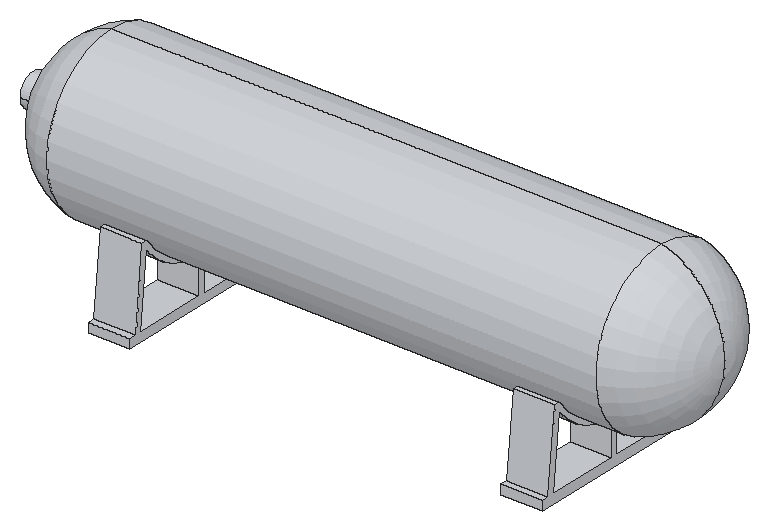
Revit family "M_Reservatório de expansão - Independente - Horizontal", category Equipamento mecânico, Revit 2019
Family settings
  Cota do conector redondo = Usar raio
  Tipo de parte = Normal
  Número OmniClass = 23.75.70.11.14
  Título OmniClass = Expansion Vessels
  ID de item do Seek = Expansion Tank - Freestanding  - Horizontal-0000-CAN-ENU
  Com base no plano de trabalho = Não
  Sempre na vertical = Sim
  Corte com vazios quando carregada = Não
  Compartilhado = Não
  Ponto de cálculo do ambiente = Não
Parameters (values of type "266 L")
  Raio do reservatório = Diâmetro do reservatório / 2  # 228.5 mm
  Comprimento do reservatório = 1873 mm
  Diâmetro do reservatório = 457 mm
  Raio = Raio do reservatório + 16 mm  # 244.5 mm
  Raio nominal [instance] = 45 mm
  Diâmetro nominal [instance] = Raio nominal * 2  # 90 mm
  Comprimento 5 = 206 mm
  Comprimento 4 = 229 mm
  Comprimento 3 = 248 mm
  Comprimento 2 = 572 mm
  Comprimento 1 = 1524 mm
  Altura 1 = 143 mm
  Material do reservatório de expansão horizontal independente = none
  Fluxo [instance] = 0.0 L/s
Types (5, lengths in mm): name | Raio do reservatório | Comprimento do reservatório | Diâmetro do reservatório | Raio | Comprimento 5 | Comprimento 4 | Comprimento 3 | Comprimento 2 | Comprimento 1 | Altura 1
  (no name) | 228.5 | 1873 | 457 | 244.5 | 206 | 229 | 248 | 572 | 1524 | 143
  266 L | 228.5 | 1873 | 457 | 244.5 | 206 | 229 | 248 | 572 | 1524 | 143
  456 L | 305 | 1645 | 610 | 321 | 276 | 305 | 337 | 394 | 1194 | 191
  722 L | 381 | 1721 | 762 | 397 | 343 | 381 | 413 | 368 | 1168 | 238
  1045 L | 457 | 1797 | 914 | 473 | 413 | 457 | 495 | 394 | 1143 | 286
Reference planes
  plane 1 "Centro (Frente/Trás)": y = 0
  plane 2: z = 0
  plane 3 "Centro (Esquerda/Direita)": x = 0
  plane 4: z = 25.4
  plane 5: y = 248
  plane 6: y = -248
  plane 7: x = -572
  plane 8: x = 572
  plane 9: x = -629.15
  plane 10: x = -514.85
  plane 11: x = 374.108
  plane 12: x = 629.15
  plane 13: x = 514.85
  plane 14: y = 206
  plane 15: y = -206
  plane 16: y = 229
  plane 17: y = -229
  plane 18: y = 213.125
  plane 19: y = 190.125
  plane 20: y = -190.125
  plane 21: y = -213.125
  plane 22: z = 143
  plane 23: z = 371.5
  plane 24: x = -936.5
  plane 25: x = 936.5
  plane 26: x = -762
  plane 27: x = 479.425
  plane 28: x = 762
  plane 29: z = 600
  plane 30: y = 7.937
  plane 31: y = -7.938
  plane 32: x = -980.95
Forms (mm)
  Extrusion 1, solid, material <- "Material do reservatório de expansão horizontal independente"
    sketch origin (0, 0, 0) x (0, 1, 0) y (0, 0, 1)
      loop
        line (248, 25.4) -> (-248, 25.4) -> (-248, 0) -> (248, 0) -> (248, 25.4)
    from -629.15 to -514.85
  Extrusion 2, solid, material <- "Material do reservatório de expansão horizontal independente"
    sketch origin (0, 0, 0) x (0, 1, 0) y (0, 0, 1)
      loop
        line (248, 25.4) -> (-248, 25.4) -> (-248, 0) -> (248, 0) -> (248, 25.4)
    from 514.85 to 629.15
  Revolve 3, solid, material <- "Material do reservatório de expansão horizontal independente"
    sketch origin (0, 0, 0) x (1, 0, 0) y (0, 0, 1)
      loop
        line (-762, 143) -> (762, 143)
        arc (762, 143) -> (887.886, 227.745) -> (936.5, 371.5) r 236.855
        line (936.5, 371.5) -> (-936.5, 371.5)
        arc (-936.5, 371.5) -> (-887.886, 227.745) -> (-762, 143) r 236.855
      axis (-936.5, 371.5) -> (936.5, 371.5)
    angle from 0 to 360
  Extrusion 4, solid, material <- "Material do reservatório de expansão horizontal independente"
    sketch origin (0, 0, 0) x (0, 1, 0) y (0, 0, 1)
      loop
        arc (7.937, 127.256) -> (110.434, 153.503) -> (192.23, 220.616) r 244.373
        line (192.23, 220.616) -> (213.125, 25.4) -> (229, 25.4) -> (206, 243.645) -> (187.705, 243.645)
        arc (187.705, 243.645) -> (0, 144.388) -> (-187.705, 243.645) r 227.112
        line (-187.705, 243.645) -> (-206, 243.645) -> (-229, 25.4) -> (-213.125, 25.4) -> (-192.23, 220.616)
        arc (-192.23, 220.616) -> (-110.434, 153.503) -> (-7.938, 127.256) r 244.373
        line (-7.938, 127.256) -> (-7.938, 0) -> (7.937, 0) -> (7.937, 127.256)
    from 514.85 to 629.15
  Extrusion 5, solid, material <- "Material do reservatório de expansão horizontal independente"
    sketch origin (0, 0, 0) x (0, 1, 0) y (0, 0, 1)
      loop
        line (229, 25.4) -> (206, 243.542) -> (187.705, 243.542)
        arc (187.705, 243.542) -> (0, 144.33) -> (-187.705, 243.542) r 227.17
        line (-187.705, 243.542) -> (-206, 243.542) -> (-229, 25.4) -> (-213.125, 25.4) -> (-192.23, 220.512)
        arc (-192.23, 220.512) -> (-110.426, 153.427) -> (-7.938, 127.192) r 244.437
        line (-7.938, 127.192) -> (-7.938, 25.4) -> (7.937, 25.4) -> (7.937, 127.192)
        arc (7.937, 127.192) -> (110.426, 153.427) -> (192.23, 220.512) r 244.437
        line (192.23, 220.512) -> (213.125, 25.4) -> (229, 25.4)
    from -629.15 to -514.85
  Extrusion 6, solid, material <- "Material do reservatório de expansão horizontal independente"
    sketch origin (0, 0, 0) x (0, 1, 0) y (0, 0, 1)
      loop
        circle (0, 371.5) r 45
    from -980.95 to -629.15
  Extrusion 7, solid, material <- "Material do reservatório de expansão horizontal independente", detail levels coarse
    sketch origin (0, 0, 0) x (0, 1, 0) y (0, 0, 1)
      loop
        line (-206.087, 239.939) -> (-229, 25.4) -> (229, 25.4) -> (206.087, 239.939)
        arc (206.087, 239.939) -> (0, 127) -> (-206.087, 239.939) r 244.5
    from -629.15 to -514.85
  Extrusion 8, solid, material <- "Material do reservatório de expansão horizontal independente", detail levels coarse
    sketch origin (0, 0, 0) x (0, 1, 0) y (0, 0, 1)
      loop
        arc (206.087, 239.939) -> (0, 127) -> (-206.087, 239.939) r 244.5
        line (-206.087, 239.939) -> (-229, 25.4) -> (229, 25.4) -> (206.087, 239.939)
    from 514.85 to 629.15
Cuts and joins
  joined: Revolve 3, Extrusion 6
  joined: Extrusion 1, Extrusion 2, Extrusion 4, Extrusion 5
Dimensions and locks
  locked: plane 4 to plane 2 at 25.4
  "Comprimento 3": plane 5 to plane 1 "Centro (Frente/Trás)"
  "Comprimento 3": plane 1 "Centro (Frente/Trás)" to plane 6
  "Comprimento 2": plane 3 "Centro (Esquerda/Direita)" to plane 7
  "Comprimento 2": plane 8 to plane 3 "Centro (Esquerda/Direita)"
  locked: plane 7 to plane 9 at 57.15
  locked: plane 10 to plane 7 at 57.15
  locked: plane 8 to plane 11 at 197.892
  locked: plane 12 to plane 8 at 57.15
  locked: plane 8 to plane 13 at 57.15
  "Comprimento 5": plane 14 to plane 1 "Centro (Frente/Trás)"
  "Comprimento 5": plane 1 "Centro (Frente/Trás)" to plane 15
  "Comprimento 4": plane 16 to plane 1 "Centro (Frente/Trás)"
  "Comprimento 4": plane 1 "Centro (Frente/Trás)" to plane 17
  locked: plane 16 to plane 18 at 15.875
  locked: plane 14 to plane 19 at 15.875
  locked: plane 20 to plane 15 at 15.875
  locked: plane 21 to plane 17 at 15.875
  "Altura 1": plane 22 to plane 2
  equal spacing: plane 25, plane 3 "Centro (Esquerda/Direita)", plane 24
  "Comprimento do reservatório": plane 25 to plane 24
  equal spacing: plane 28, plane 3 "Centro (Esquerda/Direita)", plane 26
  "Comprimento 1": plane 28 to plane 26
  "Raio do reservatório": plane 23 to plane 22
  "Raio do reservatório": plane 29 to plane 23
  locked: plane 30 to plane 1 "Centro (Frente/Trás)" at 7.937
  locked: plane 1 "Centro (Frente/Trás)" to plane 31 at 7.938
  locked: plane 24 to plane 32 at 44.45
  "Raio nominal": radius of Extrusion 6 sketch curve
  "Raio": radius of Extrusion 7 sketch curve
  "Raio": radius of Extrusion 8 sketch curve
  aligned and locked: plane 5 to Extrusion 1 sketch curve
  aligned and locked: plane 4 to Extrusion 1 sketch curve
  aligned and locked: plane 2 to Extrusion 1 sketch curve
  aligned and locked: plane 6 to Extrusion 1 sketch curve
  aligned and locked: Extrusion 1 to plane 9
  aligned and locked: plane 10 to Extrusion 1
  aligned and locked: Extrusion 2 sketch curve to Extrusion 1  (x3)
  aligned and locked: Extrusion 1 to Extrusion 2 sketch curve
  aligned and locked: plane 12 to Extrusion 2
  aligned and locked: Extrusion 2 to plane 13
  aligned and locked: Revolve 3 sketch curve to plane 22
  aligned and locked: plane 26 to Revolve 3 sketch curve
  aligned and locked: plane 28 to Revolve 3 sketch curve
  aligned and locked: plane 24 to Revolve 3 sketch curve
  aligned and locked: plane 25 to Revolve 3 sketch curve
  aligned and locked: Revolve 3 sketch curve to plane 23  (x2)
  aligned and locked: plane 1 "Centro (Frente/Trás)" to Extrusion 4 sketch curve  (x2)
  aligned and locked: plane 23 to Extrusion 4 sketch curve
  aligned and locked: Extrusion 4 sketch curve to plane 30
  aligned and locked: Extrusion 4 sketch curve to plane 31
  aligned and locked: Extrusion 1 to Extrusion 4 sketch curve  (x2)
  aligned and locked: plane 30 to Extrusion 4 sketch curve
  aligned and locked: plane 31 to Extrusion 4 sketch curve
  aligned and locked: plane 16 to Extrusion 4 sketch curve
  aligned and locked: plane 18 to Extrusion 4 sketch curve
  aligned and locked: Extrusion 4 sketch curve to plane 4  (x2)
  aligned and locked: plane 21 to Extrusion 4 sketch curve
  aligned and locked: plane 17 to Extrusion 4 sketch curve
  aligned and locked: Extrusion 5 sketch curve to plane 4  (x2)
  aligned and locked: plane 16 to Extrusion 5 sketch curve
  aligned and locked: plane 18 to Extrusion 5 sketch curve
  aligned and locked: plane 17 to Extrusion 5 sketch curve
  aligned and locked: plane 21 to Extrusion 5 sketch curve
  aligned and locked: Extrusion 5 sketch curve to plane 30
  aligned and locked: Extrusion 1 to Extrusion 5 sketch curve  (x2)
  aligned and locked: Extrusion 5 sketch curve to plane 31
  aligned and locked: plane 31 to Extrusion 5 sketch curve
  aligned and locked: plane 30 to Extrusion 5 sketch curve
  aligned and locked: Extrusion 1 to Extrusion 5  (x2)
  aligned and locked: plane 12 to Extrusion 4
  aligned and locked: Extrusion 4 to plane 13
  aligned and locked: plane 23 to Extrusion 6 sketch curve
  aligned and locked: plane 1 "Centro (Frente/Trás)" to Extrusion 6 sketch curve
  aligned and locked: Extrusion 6 to plane 32
  aligned and locked: Extrusion 6 to Extrusion 1
  aligned and locked: plane 16 to Extrusion 7 sketch curve
  aligned and locked: plane 17 to Extrusion 7 sketch curve
  aligned and locked: Extrusion 7 sketch curve to plane 4
  aligned and locked: Extrusion 1 to Extrusion 7  (x2)
  aligned and locked: plane 16 to Extrusion 8 sketch curve
  aligned and locked: plane 17 to Extrusion 8 sketch curve
  aligned and locked: Extrusion 8 sketch curve to plane 4
  aligned and locked: plane 12 to Extrusion 8
  aligned and locked: Extrusion 8 to plane 13
  aligned and locked: plane 23 to Extrusion 7 sketch curve
  aligned and locked: plane 1 "Centro (Frente/Trás)" to Extrusion 7 sketch curve
  aligned and locked: plane 23 to Extrusion 8 sketch curve
  aligned and locked: plane 1 "Centro (Frente/Trás)" to Extrusion 8 sketch curve
Automatic sketch dimensions
  plane 25 to Revolve 3 sketch curve = 177.8 mm
  Revolve 3 sketch curve to Revolve 3 sketch curve = 381 mm
  Extrusion 4 sketch curve to Extrusion 4 sketch curve = 0 mm  (x3)
  Extrusion 4 sketch curve to plane 15 = 0 mm
  Extrusion 4 sketch curve to plane 14 = 0 mm
  plane 20 to Extrusion 4 sketch curve = 2.105 mm
  Extrusion 4 sketch curve to plane 20 = 2.42 mm
  plane 19 to Extrusion 4 sketch curve = 2.42 mm
  Extrusion 4 sketch curve to plane 19 = 2.105 mm
  Extrusion 4 sketch curve to plane 22 = 15.744 mm  (x2)
  Extrusion 4 sketch curve to Extrusion 4 sketch curve = 23.03 mm
  Extrusion 5 sketch curve to Extrusion 5 sketch curve = 0 mm  (x4)
  Extrusion 5 sketch curve to plane 15 = 0 mm
  Extrusion 5 sketch curve to plane 1 "Centro (Frente/Trás)" = 0 mm
  Extrusion 5 sketch curve to plane 14 = 0 mm
  Extrusion 5 sketch curve to plane 23 = 0 mm
  plane 20 to Extrusion 5 sketch curve = 2.105 mm
  Extrusion 5 sketch curve to plane 20 = 2.42 mm
  plane 19 to Extrusion 5 sketch curve = 2.42 mm
  Extrusion 5 sketch curve to plane 19 = 2.105 mm
  Extrusion 5 sketch curve to plane 22 = 15.808 mm  (x2)
  Extrusion 5 sketch curve to Extrusion 5 sketch curve = 23.03 mm
  plane 15 to Extrusion 7 sketch curve = 0.087 mm
  Extrusion 7 sketch curve to plane 14 = 0.087 mm
  plane 15 to Extrusion 8 sketch curve = 0.087 mm
  Extrusion 8 sketch curve to plane 14 = 0.087 mm
Connectors
  piping at (-980.95, 0, 371.5), diameter 90, driven by "Raio nominal", driven by "Fluxo"
    settings: on Extrusion 6, index 1, connector inside diameter 90 mm, connector length 0 mm, flow factor 0, pipe flow 0.0 L/s, pressure drop 0.0 Pa, fitting loss kfactor 0, connector angle 0.00°, fixture units 0, engagement length 0 mm, angle of deflection 0.00°, flow configuration 0, flow direction 2, fitting loss method 0, system type 29, joint type 0, gender type 0, connector reference index -1, connector utility 0, adjustable connector no, is connector primary yes, connector description "Saída do reservatório"
